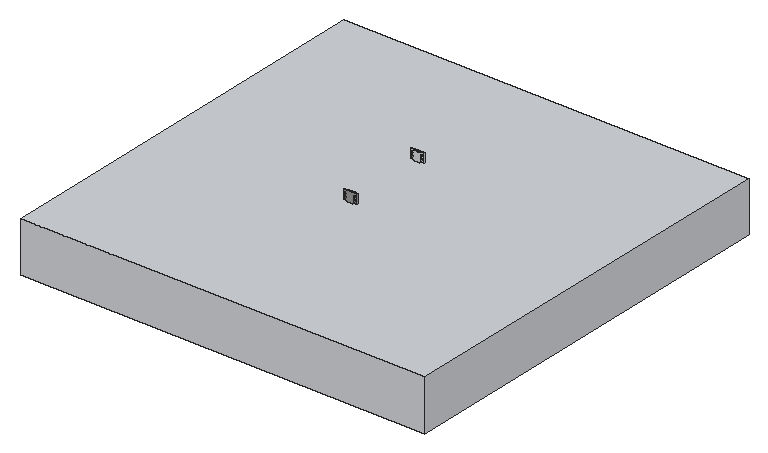
Revit family "Trade 24-48 торцевая крышка", category Обобщенные модели, Revit 2017
Family settings
  Основа = Грань
  Может служить основой для арматурных стержней = Нет
  Размер круглого соединителя = Использовать диаметр
  Тип детали = Нормальный
  При загрузке вырезать с полостями = Нет
  Общий = Нет
  Точка расчета площади = Нет
Parameters
  Расстояние до плоскости = 150 mm
  Default Elevation = 1219.2 mm
  Начало профиля = 249.976 mm
  Конец профиля = Начало профиля  # 249.976 mm
  Длина профиля = Начало профиля * 2  # 499.952 mm
Reference planes
  plane 1 "По центру (Вперед/Назад)": y = 0
  plane 2: z = 0
  plane 3 "По центру (Влево/Вправо)": x = 0
  plane 4 "Плоскость светильника": z = 150
Forms (mm)
  Extrusion 1, solid
    sketch origin (0, 0, 0) x (1, 0, 0) y (0, 1, 0)
      loop
        line (-1219.2, 1219.2) -> (-1219.2, -1219.2) -> (1219.2, -1219.2) -> (1219.2, 1219.2) -> (-1219.2, 1219.2)
    from 0 to -304.8
  Extrusion 2, solid, material "Алюминий"
    sketch origin (-19.367, -249.976, 150) x (1, 0, 0) y (0, 0, 1)
      loop
        line (-19.221, 0) -> (-19.221, -52.919) -> (-10.867, -52.919)
        arc (-10.867, -52.919) -> (-6.009, -53.518) -> (-1.441, -55.28) r 20
        line (-1.441, -55.28) -> (3.39, -58.299)
        arc (3.39, -58.299) -> (3.801, -58.687) -> (4.03, -59.204) r 1.436
        line (4.03, -59.204) -> (13.43, -59.204)
        arc (13.43, -59.204) -> (14.332, -58.467) -> (15.467, -58.204) r 2.574
        line (15.467, -58.204) -> (19.367, -58.204) -> (23.267, -58.204)
        arc (23.267, -58.204) -> (24.401, -58.467) -> (25.303, -59.204) r 2.574
        line (25.303, -59.204) -> (34.703, -59.204)
        arc (34.703, -59.204) -> (34.933, -58.687) -> (35.344, -58.299) r 1.436
        line (35.344, -58.299) -> (40.175, -55.28)
        arc (40.175, -55.28) -> (44.742, -53.518) -> (49.601, -52.919) r 20
        line (49.601, -52.919) -> (57.954, -52.919) -> (57.954, 0) -> (19.367, 0) -> (-19.221, 0)
      loop
        arc (-9.318, -51.37) -> (-5.4, -51.758) -> (-1.633, -52.906) r 20
        line (-1.633, -52.906) -> (-1.633, -34.404)
        arc (-1.633, -34.404) -> (-2.615, -32.996) -> (-4.276, -33.432) r 1.5
        line (-4.276, -33.432) -> (-15.725, -46.891)
        arc (-15.725, -46.891) -> (-16.329, -48.024) -> (-16.801, -49.218) r 11.359
        arc (-16.801, -49.218) -> (-16.574, -50.692) -> (-15.247, -51.37) r 1.637
        line (-15.247, -51.37) -> (-9.318, -51.37)
      loop
        line (-14.324, -39.155) -> (-1.295, -20.548)
        arc (-1.295, -20.548) -> (-1.025, -18.749) -> (-2.299, -17.45) r 2.04
        arc (-2.299, -17.45) -> (-4.877, -16.36) -> (-7.288, -14.938) r 21
        arc (-7.288, -14.938) -> (-8.685, -13.894) -> (-9.991, -12.739) r 21
        arc (-9.991, -12.739) -> (-11.447, -11.189) -> (-12.739, -9.499) r 21
        arc (-12.739, -9.499) -> (-14.944, -10.099) -> (-17.221, -10.29) r 12.546
        line (-17.221, -10.29) -> (-17.221, -38.242)
        arc (-17.221, -38.242) -> (-16.107, -39.761) -> (-14.324, -39.155) r 1.592
      loop
        line (48.051, -51.37) -> (53.98, -51.37)
        arc (53.98, -51.37) -> (55.308, -50.692) -> (55.534, -49.218) r 1.637
        arc (55.534, -49.218) -> (55.062, -48.024) -> (54.458, -46.891) r 11.359
        line (54.458, -46.891) -> (43.009, -33.432)
        arc (43.009, -33.432) -> (41.349, -32.996) -> (40.367, -34.404) r 1.5
        line (40.367, -34.404) -> (40.367, -52.906)
        arc (40.367, -52.906) -> (44.133, -51.758) -> (48.051, -51.37) r 20
      loop
        arc (53.057, -39.155) -> (54.841, -39.761) -> (55.954, -38.242) r 1.592
        line (55.954, -38.242) -> (55.954, -10.29)
        arc (55.954, -10.29) -> (53.677, -10.099) -> (51.473, -9.499) r 12.546
        arc (51.473, -9.499) -> (50.181, -11.189) -> (48.725, -12.739) r 21
        arc (48.725, -12.739) -> (47.419, -13.894) -> (46.022, -14.938) r 21
        arc (46.022, -14.938) -> (43.611, -16.36) -> (41.032, -17.45) r 21
        arc (41.032, -17.45) -> (39.759, -18.749) -> (40.028, -20.548) r 2.04
        line (40.028, -20.548) -> (53.057, -39.155)
    from 0 to 5
  Extrusion 3, solid
    sketch origin (18.233, 249.976, 150) x (-1, 0, 0) y (0, 0, 1)
      loop
        line (56.821, 0) -> (18.233, 0) -> (-20.354, 0) -> (-20.354, -52.919) -> (-12.001, -52.919)
        arc (-12.001, -52.919) -> (-7.142, -53.518) -> (-2.575, -55.28) r 20
        line (-2.575, -55.28) -> (2.256, -58.299)
        arc (2.256, -58.299) -> (2.667, -58.687) -> (2.897, -59.204) r 1.436
        line (2.897, -59.204) -> (12.297, -59.204)
        arc (12.297, -59.204) -> (13.199, -58.467) -> (14.333, -58.204) r 2.574
        line (14.333, -58.204) -> (18.233, -58.204) -> (22.133, -58.204)
        arc (22.133, -58.204) -> (23.268, -58.467) -> (24.17, -59.204) r 2.574
        line (24.17, -59.204) -> (33.57, -59.204)
        arc (33.57, -59.204) -> (33.799, -58.687) -> (34.21, -58.299) r 1.436
        line (34.21, -58.299) -> (39.041, -55.28)
        arc (39.041, -55.28) -> (43.609, -53.518) -> (48.467, -52.919) r 20
        line (48.467, -52.919) -> (56.821, -52.919) -> (56.821, 0)
      loop
        line (46.918, -51.37) -> (52.847, -51.37)
        arc (52.847, -51.37) -> (54.174, -50.692) -> (54.401, -49.218) r 1.637
        arc (54.401, -49.218) -> (53.929, -48.024) -> (53.325, -46.891) r 11.359
        line (53.325, -46.891) -> (41.876, -33.432)
        arc (41.876, -33.432) -> (40.215, -32.996) -> (39.233, -34.404) r 1.5
        line (39.233, -34.404) -> (39.233, -52.906)
        arc (39.233, -52.906) -> (43, -51.758) -> (46.918, -51.37) r 20
      loop
        arc (51.924, -39.155) -> (53.707, -39.761) -> (54.821, -38.242) r 1.592
        line (54.821, -38.242) -> (54.821, -10.29)
        arc (54.821, -10.29) -> (52.544, -10.099) -> (50.339, -9.499) r 12.546
        arc (50.339, -9.499) -> (49.047, -11.189) -> (47.591, -12.739) r 21
        arc (47.591, -12.739) -> (46.285, -13.894) -> (44.888, -14.938) r 21
        arc (44.888, -14.938) -> (42.477, -16.36) -> (39.899, -17.45) r 21
        arc (39.899, -17.45) -> (38.625, -18.749) -> (38.895, -20.548) r 2.04
        line (38.895, -20.548) -> (51.924, -39.155)
      loop
        arc (-10.451, -51.37) -> (-6.533, -51.758) -> (-2.767, -52.906) r 20
        line (-2.767, -52.906) -> (-2.767, -34.404)
        arc (-2.767, -34.404) -> (-3.749, -32.996) -> (-5.409, -33.432) r 1.5
        line (-5.409, -33.432) -> (-16.858, -46.891)
        arc (-16.858, -46.891) -> (-17.462, -48.024) -> (-17.934, -49.218) r 11.359
        arc (-17.934, -49.218) -> (-17.708, -50.692) -> (-16.38, -51.37) r 1.637
        line (-16.38, -51.37) -> (-10.451, -51.37)
      loop
        line (-15.457, -39.155) -> (-2.428, -20.548)
        arc (-2.428, -20.548) -> (-2.159, -18.749) -> (-3.432, -17.45) r 2.04
        arc (-3.432, -17.45) -> (-6.011, -16.36) -> (-8.422, -14.938) r 21
        arc (-8.422, -14.938) -> (-9.819, -13.894) -> (-11.125, -12.739) r 21
        arc (-11.125, -12.739) -> (-12.581, -11.189) -> (-13.873, -9.499) r 21
        arc (-13.873, -9.499) -> (-16.077, -10.099) -> (-18.354, -10.29) r 12.546
        line (-18.354, -10.29) -> (-18.354, -38.242)
        arc (-18.354, -38.242) -> (-17.241, -39.761) -> (-15.457, -39.155) r 1.592
    from 0 to 5
  Extrusion 4, solid
    sketch origin (0, -398.223, 150) x (0, -1, 0) y (1, 0, 0)
      loop
        line (-153.247, 18.233) -> (-153.247, -19.367) -> (-148.247, -19.367) -> (-148.247, 18.233) -> (-153.247, 18.233)
      loop
        line (-648.199, -19.367) -> (-643.199, -19.367) -> (-643.199, 18.233) -> (-648.199, 18.233) -> (-648.199, -19.367)
    from 0 to -1
Dimensions and locks
  "Расстояние до плоскости": plane 4 "Плоскость светильника" to Extrusion 1
  "Конец профиля": plane 1 "По центру (Вперед/Назад)" to Extrusion 4
  "Начало профиля": Extrusion 4 to plane 1 "По центру (Вперед/Назад)"
  aligned and locked: plane 2 to Extrusion 1
  aligned and locked: level to Extrusion 1
Automatic sketch dimensions
  Extrusion 1 sketch curve to Extrusion 1 sketch curve = 2438.4 mm  (x2)
  Extrusion 3 sketch curve to Extrusion 3 sketch curve = 0 mm  (x16)
  Extrusion 3 sketch curve to Extrusion 3 sketch curve = 2.098 mm  (x2)
  Extrusion 3 sketch curve to Extrusion 3 sketch curve = 1.592 mm  (x2)
  Extrusion 3 sketch curve to Extrusion 3 sketch curve = 0.478 mm  (x2)
  Extrusion 3 sketch curve to Extrusion 3 sketch curve = 1.304 mm  (x2)
  Extrusion 3 sketch curve to Extrusion 3 sketch curve = 1.55 mm  (x2)
  Extrusion 3 sketch curve to Extrusion 3 sketch curve = 3.299 mm
  Extrusion 3 sketch curve to Extrusion 3 sketch curve = 1.143 mm  (x2)
  Extrusion 3 sketch curve to Extrusion 3 sketch curve = 1.5 mm  (x2)
  Extrusion 3 sketch curve to Extrusion 3 sketch curve = 0.192 mm
  Extrusion 3 sketch curve to Extrusion 3 sketch curve = 1.671 mm  (x2)
  Extrusion 3 sketch curve to Extrusion 3 sketch curve = 4.07 mm
  Extrusion 3 sketch curve to Extrusion 3 sketch curve = 0.761 mm
  Extrusion 3 sketch curve to Extrusion 3 sketch curve = 0.641 mm  (x2)
  Extrusion 3 sketch curve to Extrusion 3 sketch curve = 9.4 mm  (x2)
  Extrusion 3 sketch curve to Extrusion 3 sketch curve = 2.037 mm  (x2)
  Extrusion 3 sketch curve to Extrusion 3 sketch curve = 3.9 mm  (x2)
  Extrusion 3 sketch curve to Extrusion 3 sketch curve = 14.8 mm  (x2)
  Extrusion 4 to Extrusion 3 sketch curve = 58.299 mm
  Extrusion 3 sketch curve to Extrusion 3 sketch curve = 1.402 mm
  Extrusion 3 sketch curve to Extrusion 3 sketch curve = 5.861 mm
  Extrusion 3 sketch curve to Extrusion 3 sketch curve = 4.831 mm
  Extrusion 3 sketch curve to Extrusion 3 sketch curve = 0.339 mm
  Extrusion 3 sketch curve to Extrusion 3 sketch curve = 4.386 mm
  Extrusion 3 sketch curve to Extrusion 3 sketch curve = 11.946 mm
  Extrusion 3 sketch curve to Extrusion 3 sketch curve = 10.048 mm
  Extrusion 3 sketch curve to Extrusion 3 sketch curve = 4.379 mm
  Extrusion 3 sketch curve to Extrusion 3 sketch curve = 21.689 mm
  Extrusion 4 to Extrusion 3 sketch curve = 72.919 mm  (x2)
  Extrusion 3 sketch curve to Extrusion 3 sketch curve = 1.549 mm  (x2)
  Extrusion 3 sketch curve to Extrusion 3 sketch curve = 2.479 mm
  Extrusion 3 sketch curve to Extrusion 3 sketch curve = 1.261 mm
  Extrusion 3 sketch curve to Extrusion 3 sketch curve = 1.218 mm
  Extrusion 3 sketch curve to Extrusion 3 sketch curve = 3.018 mm  (x2)
  Extrusion 3 sketch curve to Extrusion 3 sketch curve = 2.375 mm  (x2)
  Extrusion 3 sketch curve to Extrusion 3 sketch curve = 1.421 mm  (x2)
  Extrusion 3 sketch curve to Extrusion 3 sketch curve = 1.637 mm  (x2)
  Extrusion 3 sketch curve to Extrusion 3 sketch curve = 2.327 mm  (x2)
  Extrusion 3 sketch curve to Extrusion 3 sketch curve = 7.735 mm  (x2)
  Extrusion 3 sketch curve to Extrusion 3 sketch curve = 4.752 mm  (x2)
  Extrusion 3 sketch curve to Extrusion 3 sketch curve = 12.884 mm  (x2)
  Extrusion 3 sketch curve to Extrusion 3 sketch curve = 1.17 mm  (x2)
  Extrusion 3 sketch curve to Extrusion 3 sketch curve = 9.088 mm  (x2)
  Extrusion 3 sketch curve to Extrusion 3 sketch curve = 20.548 mm
  Extrusion 3 sketch curve to Extrusion 3 sketch curve = 2.256 mm  (x2)
  Extrusion 3 sketch curve to Extrusion 3 sketch curve = 2.396 mm  (x2)
  Extrusion 3 sketch curve to Extrusion 3 sketch curve = 2.703 mm  (x2)
  Extrusion 3 sketch curve to Extrusion 3 sketch curve = 4.989 mm
  Extrusion 2 sketch curve to Extrusion 2 sketch curve = 0 mm  (x16)
  Extrusion 4 to Extrusion 2 sketch curve = 52.919 mm
  Extrusion 2 sketch curve to Extrusion 2 sketch curve = 2 mm
  Extrusion 2 sketch curve to Extrusion 2 sketch curve = 2.098 mm  (x2)
  Extrusion 4 to Extrusion 2 sketch curve = 46.891 mm
  Extrusion 2 sketch curve to Extrusion 2 sketch curve = 3.496 mm
  Extrusion 2 sketch curve to Extrusion 2 sketch curve = 1.592 mm
  Extrusion 2 sketch curve to Extrusion 2 sketch curve = 0.478 mm  (x2)
  Extrusion 4 to Extrusion 2 sketch curve = 39.155 mm
  Extrusion 2 sketch curve to Extrusion 2 sketch curve = 1.304 mm  (x2)
  Extrusion 4 to Extrusion 2 sketch curve = 72.919 mm  (x2)
  Extrusion 2 sketch curve to Extrusion 2 sketch curve = 8.353 mm
  Extrusion 2 sketch curve to Extrusion 2 sketch curve = 1.55 mm  (x2)
  Extrusion 2 sketch curve to Extrusion 2 sketch curve = 3.299 mm
  Extrusion 2 sketch curve to Extrusion 2 sketch curve = 10.048 mm  (x2)
  Extrusion 2 sketch curve to Extrusion 2 sketch curve = 1.143 mm  (x2)
  Extrusion 2 sketch curve to Extrusion 2 sketch curve = 1.31 mm
  Extrusion 2 sketch curve to Extrusion 2 sketch curve = 1.5 mm  (x2)
  Extrusion 4 to Extrusion 2 sketch curve = 55.28 mm
  Extrusion 2 sketch curve to Extrusion 2 sketch curve = 1.671 mm  (x2)
  Extrusion 2 sketch curve to Extrusion 2 sketch curve = 4.07 mm
  Extrusion 4 to Extrusion 2 sketch curve = 58.299 mm  (x2)
  Extrusion 2 sketch curve to Extrusion 2 sketch curve = 0.761 mm  (x2)
  Extrusion 2 sketch curve to Extrusion 2 sketch curve = 0.641 mm  (x2)
  Extrusion 2 sketch curve to Extrusion 2 sketch curve = 21.689 mm  (x2)
  Extrusion 2 sketch curve to Extrusion 2 sketch curve = 9.4 mm  (x2)
  Extrusion 2 sketch curve to Extrusion 2 sketch curve = 2.037 mm  (x2)
  Extrusion 2 sketch curve to Extrusion 2 sketch curve = 3.9 mm  (x2)
  Extrusion 2 sketch curve to Extrusion 2 sketch curve = 14.8 mm  (x2)
  Extrusion 2 sketch curve to Extrusion 2 sketch curve = 5.861 mm
  Extrusion 2 sketch curve to Extrusion 2 sketch curve = 4.831 mm
  Extrusion 2 sketch curve to Extrusion 2 sketch curve = 0.192 mm
  Extrusion 2 sketch curve to Extrusion 2 sketch curve = 4.386 mm
  Extrusion 2 sketch curve to Extrusion 2 sketch curve = 11.946 mm
  Extrusion 2 sketch curve to Extrusion 2 sketch curve = 4.379 mm
  Extrusion 2 sketch curve to Extrusion 2 sketch curve = 0.098 mm
  Extrusion 2 sketch curve to Extrusion 2 sketch curve = 1.549 mm  (x2)
  Extrusion 2 sketch curve to Extrusion 2 sketch curve = 2.479 mm
  Extrusion 2 sketch curve to Extrusion 2 sketch curve = 1.218 mm
  Extrusion 2 sketch curve to Extrusion 2 sketch curve = 3.018 mm
  Extrusion 2 sketch curve to Extrusion 2 sketch curve = 2.375 mm  (x2)
  Extrusion 2 sketch curve to Extrusion 2 sketch curve = 1.421 mm  (x2)
  Extrusion 2 sketch curve to Extrusion 2 sketch curve = 1.637 mm  (x2)
  Extrusion 2 sketch curve to Extrusion 2 sketch curve = 2.327 mm
  Extrusion 2 sketch curve to Extrusion 2 sketch curve = 7.735 mm
  Extrusion 2 sketch curve to Extrusion 2 sketch curve = 4.752 mm  (x2)
  Extrusion 2 sketch curve to Extrusion 2 sketch curve = 12.884 mm  (x2)
  Extrusion 2 sketch curve to Extrusion 2 sketch curve = 1.17 mm  (x2)
  Extrusion 2 sketch curve to Extrusion 2 sketch curve = 9.088 mm  (x2)
  Extrusion 2 sketch curve to Extrusion 2 sketch curve = 10.29 mm
  Extrusion 2 sketch curve to Extrusion 2 sketch curve = 2.256 mm  (x2)
  Extrusion 2 sketch curve to Extrusion 2 sketch curve = 2.396 mm  (x2)
  Extrusion 2 sketch curve to Extrusion 2 sketch curve = 4.481 mm
  Extrusion 2 sketch curve to Extrusion 2 sketch curve = 2.748 mm
  Extrusion 2 sketch curve to Extrusion 2 sketch curve = 2.703 mm  (x2)
  Extrusion 2 sketch curve to Extrusion 2 sketch curve = 4.989 mm
  Extrusion 3 sketch curve to Extrusion 4 = 0 mm
  Extrusion 3 sketch curve to Extrusion 3 sketch curve = 2 mm
  Extrusion 3 sketch curve to Extrusion 3 sketch curve = 3.496 mm
  Extrusion 3 sketch curve to Extrusion 3 sketch curve = 4.481 mm
  Extrusion 3 sketch curve to Extrusion 3 sketch curve = 2.748 mm
  Extrusion 4 sketch curve to plane 3 "По центру (Влево/Вправо)" = 19.367 mm  (x2)
  Extrusion 4 sketch curve to plane 1 "По центру (Вперед/Назад)" = 249.976 mm
  Extrusion 4 sketch curve to Extrusion 4 sketch curve = 5 mm  (x2)
  plane 1 "По центру (Вперед/Назад)" to Extrusion 4 sketch curve = 244.976 mm
  plane 3 "По центру (Влево/Вправо)" to Extrusion 4 sketch curve = 18.233 mm  (x2)
  Extrusion 2 sketch curve to Extrusion 4 = 19.221 mm
  Extrusion 3 sketch curve to Extrusion 4 = 20.354 mm
  Extrusion 3 sketch curve to Extrusion 4 = 12.001 mm
  Extrusion 3 sketch curve to Extrusion 4 = 4.099 mm
  Extrusion 4 to Extrusion 3 sketch curve = 3.433 mm
